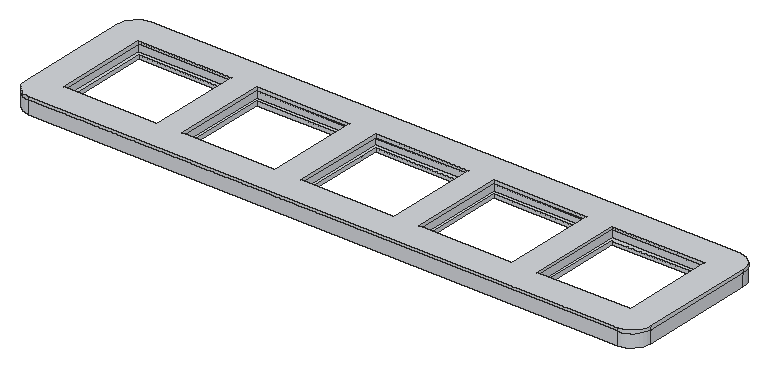
Revit family "Gira_0215426", category Electrical Fixtures, host Face, Revit 2017
Family settings
  Host = Face
  Maintain Annotation Orientation = No
  Round Connector Dimension = Use Diameter
  Part Type = Normal
  Cut with Voids When Loaded = No
  Shared = No
  Room Calculation Point = No
Parameters (values of type "Abdeckrahmen 5f Gira E3 Umbra/Anthrazit")
  Werkstoffgüte = "sonstige"
  Werkstoff = "sonstige"
  URL = "http://katalog.gira.de/de_DE/datenblatt.html?artikelnr=0215426"
  Transparent = "No"
  Textfeld/Beschriftungsfläche = "No"
  Schutzart (IP) = "IP20"
  Region = "DE"
  Oberfläche = "sonstige"
  Name = "Abdeckrahmen 5f Gira E3 Umbra/Anthrazit"
  Montagerichtung = "horizontal und vertikal"
  Mit Montagerahmen = "No"
  Mit Klappdeckel = "No"
  Manufacturer URL = "https://www.gira.de/"
  Keynote = "E3_Rahmen_5fach"
  HeinzeBIM = "https://bimportal.heinze.de/bim/abdeckrahmen-5f-gira-e3-umbra-anthrazit/fa4c20c1bf074b9a44169033e2a2ecf880aefa5d"
  Halogenfrei = "No"
  HAN = "0215426"
  Geeignet für Unterputz-Installation = "Yes"
  Geeignet für Unterflurkanaldose = "No"
  Geeignet für Geräteeinbaukanal = "No"
  Geeignet für Einbauinstallation = "No"
  GTIN = "4010337024491"
  Farbe = "sonstige"
  Default Elevation = 1219.2 mm
  Data sheet (1) = "https://katalog.gira.de/de_DE/download.html?artikelnr=0215426"
  Category = "Abdeckrahmen"
  Befestigungsart = "Klemmbefestigung"
  Available = "Yes"
  Anzahl der Einheiten vertikal = "5 "
  Anzahl der Einheiten horizontal = "5 "
  Anzahl der Einheiten = "5 "
Reference planes
  plane 1 "Center (Front/Back)": y = 0
  plane 2: z = 0
  plane 3 "Center (Left/Right)": x = 0
Forms (mm)
  Extrusion 1, solid, detail levels fine
    sketch origin (0, 0, 0) x (1, 0, 0) y (0, 1, 0)
      loop
        arc (-177.4, 45.809) -> (-185.185, 42.585) -> (-188.409, 34.8) r 11.009
        line (-188.409, 34.8) -> (-188.409, -34.8)
        arc (-188.409, -34.8) -> (-185.185, -42.585) -> (-177.4, -45.809) r 11.009
        line (-177.4, -45.809) -> (177.4, -45.809)
        arc (177.4, -45.809) -> (185.185, -42.585) -> (188.409, -34.8) r 11.009
        line (188.409, -34.8) -> (188.409, 34.8)
        arc (188.409, 34.8) -> (185.185, 42.585) -> (177.4, 45.809) r 11.009
        line (177.4, 45.809) -> (-177.4, 45.809)
      loop
        line (-114.5, 28.187) -> (-170.756, 28.187) -> (-170.756, -28.187) -> (-114.5, -28.187) -> (-114.5, 28.187)
      loop
        line (-99.6, 28.187) -> (-99.6, -28.187) -> (-43.344, -28.187) -> (-43.344, 28.187) -> (-99.6, 28.187)
      loop
        line (114.5, 28.187) -> (114.5, -28.187) -> (170.756, -28.187) -> (170.756, 28.187) -> (114.5, 28.187)
      loop
        line (28.301, 28.187) -> (-27.955, 28.187) -> (-27.955, -28.187) -> (28.301, -28.187) -> (28.301, 28.187)
      loop
        line (43.143, 28.187) -> (43.143, -28.187) -> (99.399, -28.187) -> (99.399, 28.187) -> (43.143, 28.187)
    from 7.65 to 9.5
  Extrusion 2, solid, detail levels fine
    sketch origin (-142.8, 0, 0) x (1, 0, 0) y (0, 1, 0)
      loop
        line (26.1, 25.7) -> (-25.7, 25.7) -> (-25.7, -25.7) -> (26.1, -25.7) -> (26.1, 25.7)
      loop
        line (-28.187, -28.156) -> (28.187, -28.156) -> (28.187, 28.156) -> (-28.187, 28.156) -> (-28.187, -28.156)
    from 1.65 to 3.9
  Extrusion 3, solid, detail levels fine
    sketch origin (0, 0, 0) x (1, 0, 0) y (0, 1, 0)
      loop
        arc (-177.4, 45.809) -> (-185.185, 42.585) -> (-188.409, 34.8) r 11.009
        line (-188.409, 34.8) -> (-188.409, -34.8)
        arc (-188.409, -34.8) -> (-185.185, -42.585) -> (-177.4, -45.809) r 11.009
        line (-177.4, -45.809) -> (177.4, -45.809)
        arc (177.4, -45.809) -> (185.185, -42.585) -> (188.409, -34.8) r 11.009
        line (188.409, -34.8) -> (188.409, 34.8)
        arc (188.409, 34.8) -> (185.185, 42.585) -> (177.4, 45.809) r 11.009
        line (177.4, 45.809) -> (-177.4, 45.809)
      loop
        line (-186.443, 34.785) -> (-186.443, -34.785)
        arc (-186.443, -34.785) -> (-183.79, -41.19) -> (-177.385, -43.843) r 9.058
        line (-177.385, -43.843) -> (177.385, -43.843)
        arc (177.385, -43.843) -> (183.79, -41.19) -> (186.443, -34.785) r 9.058
        line (186.443, -34.785) -> (186.443, 34.785)
        arc (186.443, 34.785) -> (183.79, 41.19) -> (177.385, 43.843) r 9.058
        line (177.385, 43.843) -> (-177.385, 43.843)
        arc (-177.385, 43.843) -> (-183.79, 41.19) -> (-186.443, 34.785) r 9.058
    from 0 to 7.65
  Extrusion 4, solid, detail levels fine
    sketch origin (-35.75, 0, 0) x (1, 0, 0) y (0, 1, 0)
      loop
        line (-134.256, -31.075) -> (205.755, -31.075)
        arc (205.755, -31.075) -> (208.399, -29.98) -> (209.494, -27.337) r 3.739
        line (209.494, -27.337) -> (209.494, 27.337)
        arc (209.494, 27.337) -> (208.399, 29.98) -> (205.755, 31.075) r 3.739
        line (205.755, 31.075) -> (-134.256, 31.075)
        arc (-134.256, 31.075) -> (-136.899, 29.98) -> (-137.994, 27.337) r 3.739
        line (-137.994, 27.337) -> (-137.994, -27.337)
        arc (-137.994, -27.337) -> (-136.899, -29.98) -> (-134.256, -31.075) r 3.739
      loop
        line (-136.844, 27.537) -> (-136.844, -27.537)
        arc (-136.844, -27.537) -> (-136.145, -29.226) -> (-134.456, -29.925) r 2.389
        line (-134.456, -29.925) -> (205.955, -29.925)
        arc (205.955, -29.925) -> (207.644, -29.226) -> (208.344, -27.537) r 2.389
        line (208.344, -27.537) -> (208.344, 27.537)
        arc (208.344, 27.537) -> (207.644, 29.226) -> (205.955, 29.925) r 2.389
        line (205.955, 29.925) -> (-134.456, 29.925)
        arc (-134.456, 29.925) -> (-136.145, 29.226) -> (-136.844, 27.537) r 2.389
    from 1.65 to 7.65
  Extrusion 5, solid, detail levels fine
    sketch origin (0, 0, 0) x (1, 0, 0) y (0, 1, 0)
      loop
        line (-174.653, -39.8) -> (174.653, -39.8)
        arc (174.653, -39.8) -> (180.267, -36.708) -> (182.5, -30.7) r 9.2
        line (182.5, -30.7) -> (182.5, 30.7)
        arc (182.5, 30.7) -> (179.805, 37.205) -> (173.3, 39.9) r 9.2
        line (173.3, 39.9) -> (-173.3, 39.9)
        arc (-173.3, 39.9) -> (-179.805, 37.205) -> (-182.5, 30.7) r 9.2
        line (-182.5, 30.7) -> (-182.5, -30.7)
        arc (-182.5, -30.7) -> (-180.267, -36.708) -> (-174.653, -39.8) r 9.2
      loop
        line (-173.3, -31.7) -> (173.3, -31.7)
        arc (173.3, -31.7) -> (174.007, -31.407) -> (174.3, -30.7) r 1
        line (174.3, -30.7) -> (174.3, 30.7)
        arc (174.3, 30.7) -> (174.007, 31.407) -> (173.3, 31.7) r 1
        line (173.3, 31.7) -> (-173.3, 31.7)
        arc (-173.3, 31.7) -> (-174.007, 31.407) -> (-174.3, 30.7) r 1
        line (-174.3, 30.7) -> (-174.3, -30.7)
        arc (-174.3, -30.7) -> (-174.007, -31.407) -> (-173.3, -31.7) r 1
    from 1.65 to 3.9
  Extrusion 6, solid, detail levels fine
    sketch origin (-142.8, 0, 0) x (1, 0, 0) y (0, 1, 0)
      loop
        line (-28.187, 28.156) -> (-28.187, -28.156) -> (28.187, -28.156) -> (28.187, 28.156) -> (-28.187, 28.156)
      loop
        line (-29.925, 29.925) -> (-29.925, -29.925) -> (29.925, -29.925) -> (29.925, 29.925) -> (-29.925, 29.925)
    from 1.65 to 7.65
  Extrusion 7, solid, detail levels coarse+medium
    sketch origin (0, 0, 0) x (1, 0, 0) y (0, 1, 0)
      loop
        line (-188.409, 45.809) -> (-188.409, -45.809) -> (188.409, -45.809) -> (188.409, 45.809) -> (-188.409, 45.809)
    from 0 to 9.5
  Extrusion 8, solid, detail levels fine
    sketch origin (-71.3, 0, 0) x (-1, 0, 0) y (0, -1, 0)
      loop
        line (25.9, -25.7) -> (25.9, 25.7) -> (-25.9, 25.7) -> (-25.9, -25.7) -> (25.9, -25.7)
      loop
        line (-28.187, 28.156) -> (-28.187, -28.156) -> (28.187, -28.156) -> (28.187, 28.156) -> (-28.187, 28.156)
    from 1.65 to 3.9
  Extrusion 9, solid, detail levels fine
    sketch origin (-71.3, 0, 0) x (-1, 0, 0) y (0, -1, 0)
      loop
        line (-28.187, -28.156) -> (28.187, -28.156) -> (28.187, 28.156) -> (-28.187, 28.156) -> (-28.187, -28.156)
      loop
        line (-29.925, -29.925) -> (29.925, -29.925) -> (29.925, 29.925) -> (-29.925, 29.925) -> (-29.925, -29.925)
    from 1.65 to 7.65
  Extrusion 10, solid, detail levels fine
    sketch origin (0.2, 0, 0) x (-1, 0, 0) y (0, -1, 0)
      loop
        line (26.1, -25.7) -> (26.1, 25.7) -> (-25.7, 25.7) -> (-25.7, -25.7) -> (26.1, -25.7)
      loop
        line (-28.187, 28.156) -> (-28.187, -28.156) -> (28.187, -28.156) -> (28.187, 28.156) -> (-28.187, 28.156)
    from 1.65 to 3.9
  Extrusion 11, solid, detail levels fine
    sketch origin (0.2, 0, 0) x (-1, 0, 0) y (0, -1, 0)
      loop
        line (-28.187, -28.156) -> (28.187, -28.156) -> (28.187, 28.156) -> (-28.187, 28.156) -> (-28.187, -28.156)
      loop
        line (-29.925, -29.925) -> (29.925, -29.925) -> (29.925, 29.925) -> (-29.925, 29.925) -> (-29.925, -29.925)
    from 1.65 to 7.65
  Extrusion 12, solid, detail levels fine
    sketch origin (71.5, 0, 0) x (-1, 0, 0) y (0, -1, 0)
      loop
        line (26.1, -25.7) -> (26.1, 25.7) -> (-25.7, 25.7) -> (-25.7, -25.7) -> (26.1, -25.7)
      loop
        line (-28.187, 28.156) -> (-28.187, -28.156) -> (28.187, -28.156) -> (28.187, 28.156) -> (-28.187, 28.156)
    from 1.65 to 3.9
  Extrusion 13, solid, detail levels fine
    sketch origin (71.5, 0, 0) x (-1, 0, 0) y (0, -1, 0)
      loop
        line (-28.187, -28.156) -> (28.187, -28.156) -> (28.187, 28.156) -> (-28.187, 28.156) -> (-28.187, -28.156)
      loop
        line (-29.925, -29.925) -> (29.925, -29.925) -> (29.925, 29.925) -> (-29.925, 29.925) -> (-29.925, -29.925)
    from 1.65 to 7.65
  Extrusion 14, solid, detail levels fine
    sketch origin (142.8, 0, 0) x (-1, 0, 0) y (0, -1, 0)
      loop
        line (26.1, -25.7) -> (26.1, 25.7) -> (-25.7, 25.7) -> (-25.7, -25.7) -> (26.1, -25.7)
      loop
        line (-28.187, 28.156) -> (-28.187, -28.156) -> (28.187, -28.156) -> (28.187, 28.156) -> (-28.187, 28.156)
    from 1.65 to 3.9
  Extrusion 15, solid, detail levels fine
    sketch origin (142.8, 0, 0) x (-1, 0, 0) y (0, -1, 0)
      loop
        line (-28.187, -28.156) -> (28.187, -28.156) -> (28.187, 28.156) -> (-28.187, 28.156) -> (-28.187, -28.156)
      loop
        line (-29.925, -29.925) -> (29.925, -29.925) -> (29.925, 29.925) -> (-29.925, 29.925) -> (-29.925, -29.925)
    from 1.65 to 7.65
Dimensions and locks
  aligned and locked: plane 2 to host face
  aligned and locked: level to host face
